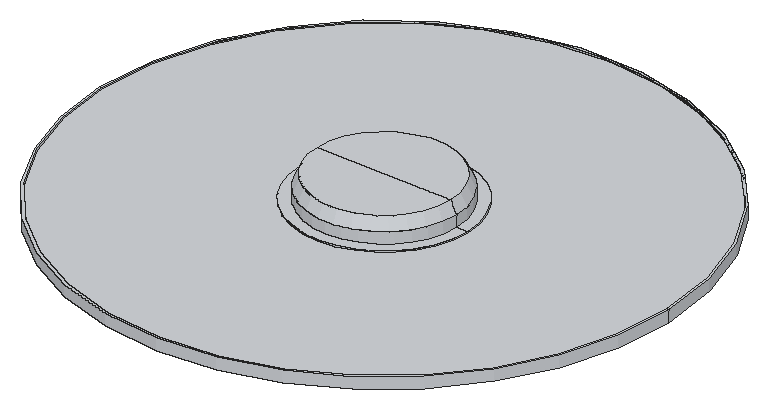
Revit family "EURS_63_LF_FB_BY122 PSU", category Lighting Fixtures, host Face, Revit 2018
Family settings
  Host = Face
  Round Connector Dimension = Use Diameter
  Part Type = Normal
  Cut with Voids When Loaded = No
  Light Source = No
  Shared = Yes
  Room Calculation Point = No
Parameters (values of type "Type catalog")
  Width = 510 mm
  Voltage (V) = 230 V
  Visibility 2D symbol [instance] = yes
  Visibility 2D outline round [instance] = not(Visibility 2D symbol)  # no
  URL = "http://www.lighting.philips.com/main/home"
  Type Comments = "Face Based"
  Product catalog - URL = "https://www.lighting.philips.com/main/prof/indoor-luminaires/high-bay-and-low-bay/high-bay/coreline-highbay-gen4/911401578351_EU/product"
  Order code = ""
  Model = "BY122"
  Manufacturer = "Philips"
  Light source = 2 mm
  Light loss factor = ""
  Length = 510 mm
  Last IES update = "08-03-2021"
  Lamp type = BY122P IES Data : G4 PSU 1 xLED250S_840 NB
  Lamp = "LAMP TYPE"
  Initial luminous flux (lm) = ""
  Init. Corr. Color Temperature (K) = ""
  Height = 90 mm
  Fixture code = ""
  ETIM code URL = ""
  ETIM code = ""
  EOC = ""
  Description = "Coreline Highbay Gen4 BY122 PSU"
  Default Elevation = 0 mm
  Content version = "1.0"
  Content modified date = "08-03-2021"
  Content creation date = "23-01-2019"
  Content Creator = "https://www.cadac.com/bimcontent"
  BIM Library - URL = "http://www.lighting.philips.com/main/support/support/revit-library#page=1"
  Armatuurcode [instance] = ""
  Apparent Load = 0 VA
  12NC = ""
Reference planes
  plane 1 "Center (Front/Back)": y = 0
  plane 2: z = 0
  plane 3 "Center (Left/Right)": x = 0
  plane 4: x = -255
  plane 5: y = -255
  plane 6: y = 255
  plane 7: x = 255
  plane 8: z = 90
  plane 9 "Light source": z = 72
  plane 10: z = 69
Forms (mm)
  Revolve 1, solid
    sketch origin (0, 0, 0) x (1, 0, 0) y (0, 0, 1)
      loop
        line (0, 0) -> (0, 90) -> (-60, 90) -> (-65, 80) -> (-65, 70) -> (-255, 70) -> (-255, 59.939)
        arc (-255, 59.939) -> (-160.523, 44.983) -> (-65, 40) r 912.5
        line (-65, 40) -> (-65, 20) -> (-10, 20) -> (-10, 0) -> (0, 0)
      axis (0, 0) -> (0, 90)
    angle from 0 to 360
  Extrusion 2, void
    sketch origin (0, 0, 0) x (1, 0, 0) y (0, 1, 0)
      loop
        circle (0, 0) r 253
      loop
        circle (0, 0) r 75
    from 69 to 70
Cuts and joins
  Extrusion 2 cuts Revolve 1
Dimensions and locks
  equal spacing: host sketch curve, plane 1 "Center (Front/Back)", host sketch curve
  equal spacing: host sketch curve, plane 3 "Center (Left/Right)", host sketch curve
  "Length": plane 4 to plane 7
  equal spacing: plane 4, plane 3 "Center (Left/Right)", plane 7
  equal spacing: plane 5, plane 1 "Center (Front/Back)", plane 6
  "Width": plane 5 to plane 6
  "Height": plane 8 to plane 2
  "Light source": plane 9 "Light source" to Revolve 1
  locked: Revolve 1 to plane 10 at 1
  aligned and locked: plane 2 to host face
  aligned and locked: level to host face
  aligned and locked: Extrusion 2 to plane 10
Automatic sketch dimensions
  Revolve 1 sketch curve to plane 4 = 0 mm
  Revolve 1 sketch curve to plane 8 = 0 mm  (x2)
  Revolve 1 sketch curve to level = 0 mm  (x2)
  Revolve 1 sketch curve to plane 3 "Center (Left/Right)" = 0 mm  (x2)
  Revolve 1 sketch curve to plane 3 "Center (Left/Right)" = 65.287 mm
  level to Revolve 1 sketch curve = 20 mm
  Revolve 1 sketch curve to plane 3 "Center (Left/Right)" = 65 mm
  Revolve 1 sketch curve to Revolve 1 sketch curve = 0 mm
  Revolve 1 sketch curve to Revolve 1 sketch curve = 5 mm
  Revolve 1 sketch curve to Revolve 1 sketch curve = 10 mm
  Revolve 1 sketch curve to Revolve 1 sketch curve = 20 mm
  Revolve 1 sketch curve to Revolve 1 sketch curve = 10.061 mm
  level to Revolve 1 sketch curve = 59.939 mm
  Revolve 1 sketch curve to plane 8 = 10 mm
  Extrusion 2 sketch curve to Extrusion 2 sketch curve = 0 mm  (x2)
  plane 1 "Center (Front/Back)" to Extrusion 2 sketch curve = 0 mm
  Extrusion 2 sketch curve to plane 3 "Center (Left/Right)" = 0 mm
  radius of Extrusion 2 sketch curve = 253 mm
  radius of Extrusion 2 sketch curve = 75 mm
Nested families
  nested 1: "2D-PL-Rond" at (0, 0, 0), visible <- "Visibility 2D outline round", Diameters <- "Length", type "2D symbool"
    with Diameters 510 mm
  nested 2: "2D-PL-Rond + symbool" at (0, 0, 0), visible <- "Visibility 2D symbol", Diameters <- "Length", type "2D symbool"
    with radius 255 mm, Diameters 510 mm
  nested 3: "BY122P IES Data" at (0, 0, 72) x (0, 1, 0) z (0, 0, -1), type <- "Lamp type", type "G4 PSU 1 xLED250S_840 NB"
Connectors
  electrical at (0, 0, 0), driven by "Apparent Load"
    settings: on host face, index 1, voltage 230 V, apparent load 0 VA, apparent load phase1 0 VA, apparent load phase2 0 VA, apparent load phase3 0 VA, power factor 1, load classification "Lighting", number of poles 1, system type 31, power factor state 1, is connector primary yes, connector utility no, sub classification motor no, connector description ""
Definition of nested family "2D-PL-Rond"
  Parameters (values of type "2D symbool")
    Diameters [instance] = 250 mm
    Description = "Armatuur symbool"
    Copyright © Cadac = "www.cadac.com/aec"
    Cadac content versie = ""
    Assembly Code = ""
  Reference planes
    plane 1 "Center (Front/Back)": y = 0
    plane 2: z = 0
    plane 3 "Center (Left/Right)": x = 0
  Lines and regions (mm)
    symbolic lines
      curve 1: circle (0, 0, 0) r 125 normal (0, 0, 1)
  Dimensions and locks
    "Diameters": diameter of curve 1
  Automatic sketch dimensions
    plane 1 "Center (Front/Back)" to curve 1 = 0 mm
    curve 1 to plane 3 "Center (Left/Right)" = 0 mm
Definition of nested family "2D-PL-Rond + symbool"
  Parameters (values of type "2D symbool")
    radius [instance] = Diameters / 2  # 125 mm
    Visibility 2D symbol = yes
    Diameters [instance] = 250 mm
    Description = "Armatuur symbool"
    Copyright © Cadac = "www.cadac.com/aec"
    Cadac content versie = ""
    Assembly Code = ""
  Reference planes
    plane 1 "Center (Front/Back)": y = 0
    plane 2: z = 0
    plane 3 "Center (Left/Right)": x = 0
  Lines and regions (mm)
    symbolic lines
      curve 1: circle (0, 0, 0) r 125 normal (0, 0, 1)
  Dimensions and locks
    "Diameters": diameter of curve 1
  Automatic sketch dimensions
    plane 1 "Center (Front/Back)" to curve 1 = 0 mm
    curve 1 to plane 3 "Center (Left/Right)" = 0 mm
  Nested families
    nested 1: "PL-opbouwarmatuur plafond rond" at (0, 0, 0), radius cirkel <- "radius", visible <- "Visibility 2D symbol", type "PL lichtpunt"
      with radius cirkel 125 mm, lengte symbool 162.5 mm, l1 140 mm, breedte symbool 150 mm, b1 52.5 mm
  Definition of nested family "PL-opbouwarmatuur plafond rond"
    Parameters (values of type "PL lichtpunt")
      radius cirkel [instance] = 200 mm
      lengte symbool [instance] = 162.5 mm
      l1 [instance] = 140 mm
      breedte symbool [instance] = radius cirkel + 25 mm  # 225 mm
      b1 [instance] = 52.5 mm
      Diameters = 74 mm
      Description = "PL lichtpunt"
      Copyright © Cadac = "www.cadac.com/aec"
      Cadac content versie = "4.0"  # constant formula
      Assembly Code = ""
    Reference planes
      plane 1 "Center (Front/Back)": y = 0
      plane 2: z = 0
      plane 3 "Center (Left/Right)": x = 0
      plane 4: y = 112.5
      plane 5: y = -112.5
    Lines and regions (mm)
      symbolic lines
        curve 1: circle (0, 0, 0) r 200 normal (0, 0, 1)
        curve 2: line (-165.359, 112.5, 0) -> (165.359, -112.5, 0)
        curve 3: line (-165.359, -112.5, 0) -> (165.359, 112.5, 0)
    Dimensions and locks
      equal spacing: plane 4, plane 1 "Center (Front/Back)", plane 5
      "breedte symbool": plane 4 to plane 5
      "radius cirkel": radius of curve 1
      aligned and locked: plane 4 to curve 2
      aligned and locked: plane 4 to curve 3
      aligned and locked: plane 5 to curve 3
      aligned and locked: plane 5 to curve 2
    Automatic sketch dimensions
      plane 1 "Center (Front/Back)" to curve 1 = 0 mm
      curve 1 to plane 3 "Center (Left/Right)" = 0 mm
Definition of nested family "BY122P IES Data"
  Parameters (values of type "G4 PSU 1 xLED250S_865 WB")
    Wattage = 172 W
    built-in parameter 1150110 = 1 (stored number, unit not read)
    built-in parameter 1114217 = 1 (stored number, unit not read)
    Tilt Angle = 90.00°
    built-in parameter 1150109 = 1 (stored number, unit not read)
    built-in parameter 1150134 = 1
    built-in parameter 1150113 = 1 (stored number, unit not read)
    Photometric Web File = "BY122P G4 PSU 1 xLED250S_865 WB.ies"
    Model = "BY122P"
    Manufacturer = "Philips"
    built-in parameter 1150105 = 1989.4 (stored number, unit not read)
    Lumens = 25000 lm
    built-in parameter 1150115 = 1 (stored number, unit not read)
    built-in parameter 1150137 = (empty or 0)
    built-in parameter 1150139 = (empty or 0)
    built-in parameter 1150112 = 1 (stored number, unit not read)
    built-in parameter 1150114 = 1 (stored number, unit not read)
    Lamp = "LED250S/865"
    built-in parameter 1150132 = (empty or 0)
    built-in parameter 1150102 = (empty or 0)
    built-in parameter 1150107 = 6500 (stored number, unit not read)
    built-in parameter 1150138 = (empty or 0)
    built-in parameter 1150106 = 19.894 (stored number, unit not read)
    Emit from Circle Diameter = 500 mm
    Emit Shape Visible in Rendering = yes
    built-in parameter 1150104 = 13.503 (stored number, unit not read)
    Dimming Lamp Color Temperature Shift = (empty or 0)
    Description = ""
    Default Elevation = 0 mm
    Content Creator = "https://www.cadac.com/bimcontent"
    Color Filter = 16777215
    built-in parameter 1114218 = 1 (stored number, unit not read)
    built-in parameter 1150133 = 10 (stored number, unit not read)
    Apparent Load = 172 VA
  Types (4, lengths in mm): name | built-in parameter 1150134 | Photometric Web File | Lamp | built-in parameter 1150107
    G4 PSU 1 xLED250S_865 WB | 1 | "BY122P G4 PSU 1 xLED250S_865 WB.ies" | "LED250S/865" | 6500 (stored number, unit not read)
    G4 PSU 1 xLED250S_865 NB | 1 | "BY122P G4 PSU 1 xLED250S_865 NB.ies" | "LED250S/865" | 6500 (stored number, unit not read)
    G4 PSU 1 xLED250S_840 WB | 12 | "BY122P G4 PSU 1 xLED250S_840 WB.ies" | "LED250S/840" | 4000 (stored number, unit not read)
    G4 PSU 1 xLED250S_840 NB | 12 | "BY122P G4 PSU 1 xLED250S_840 NB.ies" | "LED250S/840" | 4000 (stored number, unit not read)
  Reference planes
    plane 1 "Center (Front/Back)": y = 0
    plane 2: z = 0
    plane 3 "Center (Left/Right)": x = 0
  Forms (mm)
    Extrusion 1, solid
      sketch origin (0, 0, 0) x (1, 0, 0) y (0, 1, 0)
        loop
          line (-1219.2, 1219.2) -> (-1219.2, -1219.2) -> (1219.2, -1219.2) -> (1219.2, 1219.2) -> (-1219.2, 1219.2)
      from 0 to 123.942
  Dimensions and locks
    aligned and locked: plane 2 to Extrusion 1
    aligned and locked: level to Extrusion 1
